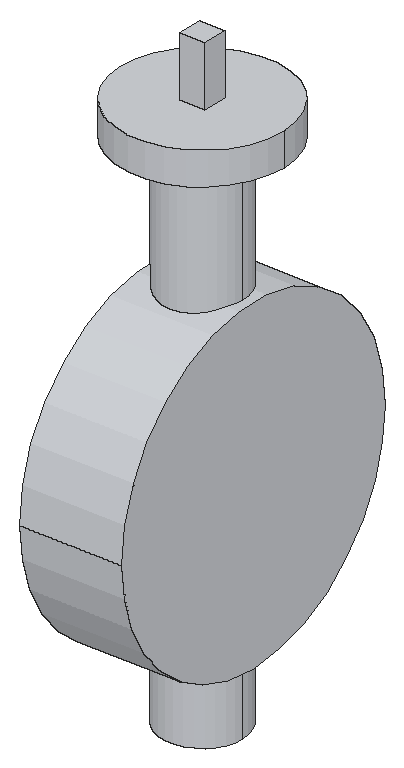
Revit family "HS497-68_disk-nerez_volné vřeteno DN125-RFA_2019", category Pipe Accessories, Revit 2019
Family settings
  Round Connector Dimension = Use Diameter
  Part Type = Valve - Breaks Into
  Work Plane-Based = No
  Always vertical = Yes
  Cut with Voids When Loaded = No
  Shared = No
Parameters (values of type "HS 497-68_DN125_PN16_volné vřeteno")
  magiProductId = "0d813d910fc14f628bb3c2efbd185c"
  magiProductFamilyId = "53cea81e6f374d17b8841d9c72ad77"
  magiPartTypeId = 305
  isMeasuringValve [instance] = no
  ang2D [instance] = 0.00°
  X11 = 61.456 mm
  X1 = 25.456 mm
  W2D = 1000 mm
  VersionID = "2.0/2017.9.26.1/ZETKAMA_497_001"
  Use Minimum Symbol Size [instance] = yes
  URL = "http://www.hydronic.cz"
  Type Comments = "mezipřírubová; nerezový disk; PN16; -10~+110°C (krátkodobě +120°C)"
  SW30 = no
  SW3 = no
  SW21 = no
  SW20 = no
  SW2 = no
  SW1 = yes
  R = 62.5 mm
  QmdConnectorList = "301;D;302;D"
  Productdata [instance] = ""
  NC = 50 mm
  Manufacturer = "Hydronic Systems Prague s.r.o."
  MM20 = 25.456 mm
  MC Product Code = "124 125 (nerezový disk, s volným vřetenem; DN125; PN16, kvs872)"
  M41 = 66 mm
  M4 = 44 mm
  LHL = 220 mm
  LHH3 = 2.45 mm
  LHH1 = 46.55 mm
  LH1 = 73.333 mm
  L4R__ve = -L4R  # -12.8 mm
  L4R = 12.8 mm
  L42__ve = -L42  # -96 mm
  L42 = 96 mm
  L41__ve = -L41  # -19.2 mm
  L41 = 19.2 mm
  L2D_Min = 3048 mm
  L2D = 216 mm
  L2 = 28 mm
  L1 = 44.8 mm
  L = 56 mm
  H = 33 mm
  G22 = 11.25 mm
  G2 = 22.5 mm
  G1 = 90 mm
  G = 90 mm
  F = 14 mm
  E44 = 31.25 mm
  E42 = 62.5 mm
  E4 = 125 mm
  E23 = 4.9 mm
  E22 = 19.6 mm
  E21 = 9.8 mm
  Description = "Mezipřírubová uzavírací klapka s volným vřetenem; nerezový disk, DN125; PN16; kvs872"
  DR2 = 62.5 mm
  DR = 180 mm
  DD1 = 15.625 mm
  DD = 12.5 mm
  D = 125 mm
  CAT0 = yes
  B2__ve = -B2  # -64 mm
  B2 = 64 mm
  A2 = 18 mm
  A1 = 99.5 mm
Types (43, lengths in mm): name | magiProductId | X11 | X1 | Type Comments | SW30 | SW3 | SW20 | SW2 | SW1 | R | NC | Manufacturer | MM20 | MC Product Code | M41 | M4 | LHL | LHH3 | LHH1 | LH1 | L4R__ve | L4R | L42__ve | L42 | L41__ve | L41 | L2 | L1 | L | H | G | F | E44 | E42 | E4 | E23 | E22 | E21 | Description | DR2 | DR | DD1 | DD | D | B2__ve | B2 | A2 | A1
  HS 497-68_DN100_PN16_volné vřeteno | "65d1b245f4f142c78569c0602d5754" | 61.456 | 25.456 | "mezipřírubová; nerezový disk; PN16; -10~+110°C (krátkodobě +120°C)" | no | no | no | no | yes | 50 | 50 | "Hydronic Systems Prague s.r.o." | 25.456 | "124 100 (nerezový disk, s volným vřetenem; DN100; PN16, kvs512)" | 66 | 44 | 220 | 2.45 | 46.55 | 73.333 | -12.8 | 12.8 | -96 | 96 | -19.2 | 19.2 | 26 | 41.6 | 52 | 30 | 90 | 11 | 31.25 | 62.5 | 125 | 4.9 | 19.6 | 9.8 | "Mezipřírubová uzavírací klapka s volným vřetenem; nerezový disk, DN100; PN16; kvs512" | 50 | 147 | 15.625 | 12.5 | 100 | -56 | 56 | 16.5 | 98.5
  HS 497-68_DN100_PN16_převodové kolo | "11e91b807e674d428c8e796fcdcfe2" | 61.456 | 25.456 | "mezipřírubová; nerezový disk; PN16; -10~+110°C (krátkodobě +120°C)" | yes | yes | no | no | no | 50 | 50 | "Hydronic Systems Prague s.r.o." | 25.456 | "126 100 (nerezový disk, s převodovým kolem; DN100; PN16, kvs512)" | 65.25 | 43.5 | 220 | 2.45 | 46.55 | 73.333 | -12.8 | 12.8 | -96 | 96 | -19.2 | 19.2 | 26 | 41.6 | 52 | 30 | 90 | 11 | 31.25 | 62.5 | 125 | 4.9 | 19.6 | 9.8 | "Mezipřírubová uzavírací klapka s převodovým kolem; nerezový disk, DN100; PN16; kvs512" | 50 | 147 | 15.625 | 12.5 | 100 | -56 | 56 | 16.5 | 98.5
  HS 497-68_DN100_PN16_s pákou | "28172f0b3f4b47b28323ac71cf8749" | 61.456 | 25.456 | "mezipřírubová; nerezový disk; PN16; -10~+110°C (krátkodobě +120°C)" | no | no | yes | yes | no | 50 | 50 | "Hydronic Systems Prague s.r.o." | 25.456 | "121 100 (nerezový disk, s pákou; DN100; PN16, kvs512)" | 66 | 44 | 260 | 3 | 57 | 86.667 | -12.8 | 12.8 | -96 | 96 | -19.2 | 19.2 | 26 | 41.6 | 52 | 30 | 90 | 11 | 31.25 | 62.5 | 125 | 6 | 24 | 12 | "Mezipřírubová uzavírací klapka s pákou; nerezový disk, DN100; PN16; kvs512" | 50 | 147 | 15.625 | 12.5 | 100 | -56 | 56 | 16.5 | 98.5
  HS 497-68_DN125_PN16_volné vřeteno | "0d813d910fc14f628bb3c2efbd185c" | 61.456 | 25.456 | "mezipřírubová; nerezový disk; PN16; -10~+110°C (krátkodobě +120°C)" | no | no | no | no | yes | 62.5 | 50 | "Hydronic Systems Prague s.r.o." | 25.456 | "124 125 (nerezový disk, s volným vřetenem; DN125; PN16, kvs872)" | 66 | 44 | 220 | 2.45 | 46.55 | 73.333 | -12.8 | 12.8 | -96 | 96 | -19.2 | 19.2 | 28 | 44.8 | 56 | 33 | 90 | 14 | 31.25 | 62.5 | 125 | 4.9 | 19.6 | 9.8 | "Mezipřírubová uzavírací klapka s volným vřetenem; nerezový disk, DN125; PN16; kvs872" | 62.5 | 180 | 15.625 | 12.5 | 125 | -64 | 64 | 18 | 99.5
  HS 497-68_DN125_PN16_převodové kolo | "c56b7c13f372467684996fb1e0e229" | 61.456 | 25.456 | "mezipřírubová; nerezový disk; PN16; -10~+110°C (krátkodobě +120°C)" | yes | yes | no | no | no | 62.5 | 50 | "Hydronic Systems Prague s.r.o." | 25.456 | "126125 (nerezový disk, s převodovým kolem; DN125; PN16, kvs872)" | 65.25 | 43.5 | 220 | 2.45 | 46.55 | 73.333 | -13.5 | 13.5 | -101.25 | 101.25 | -20.25 | 20.25 | 28 | 44.8 | 56 | 33 | 90 | 14 | 40 | 80 | 160 | 4.9 | 19.6 | 9.8 | "Mezipřírubová uzavírací klapka s převodovým kolem; nerezový disk, DN125; PN16; kvs872" | 62.5 | 180 | 20 | 16 | 125 | -64 | 64 | 18 | 99.5
  HS 497-68_DN125_PN16_s pákou | "105993c79a91492399feef7931321a" | 61.456 | 25.456 | "mezipřírubová; nerezový disk; PN16; -10~+110°C (krátkodobě +120°C)" | no | no | yes | yes | no | 62.5 | 50 | "Hydronic Systems Prague s.r.o." | 25.456 | "121 125 (nerezový disk, s pákou; DN125; PN16, kvs872)" | 66 | 44 | 315 | 3.75 | 71.25 | 105 | -12.8 | 12.8 | -96 | 96 | -19.2 | 19.2 | 28 | 44.8 | 56 | 33 | 90 | 14 | 31.25 | 62.5 | 125 | 7.5 | 30 | 15 | "Mezipřírubová uzavírací klapka s pákou; nerezový disk, DN125; PN16; kvs872" | 62.5 | 180 | 15.625 | 12.5 | 125 | -64 | 64 | 18 | 99.5
  HS 497-68_DN150_PN16_volné vřeteno | "50c80cb8ab434f55ab7796e5ac1331" | 61.456 | 25.456 | "mezipřírubová; nerezový disk; PN16; -10~+110°C (krátkodobě +120°C)" | no | no | no | no | yes | 75 | 50 | "Hydronic Systems Prague s.r.o." | 25.456 | "124 150 (nerezový disk, s volným vřetenem; DN150; PN16, kvs1347)" | 66 | 44 | 220 | 2.45 | 46.55 | 73.333 | -12.8 | 12.8 | -96 | 96 | -19.2 | 19.2 | 28 | 44.8 | 56 | 33 | 90 | 14 | 31.25 | 62.5 | 125 | 4.9 | 19.6 | 9.8 | "Mezipřírubová uzavírací klapka s volným vřetenem; nerezový disk, DN150; PN16; kvs1347" | 75 | 206 | 15.625 | 12.5 | 150 | -58 | 58 | 19.3 | 98.7
  HS 497-68_DN150_PN16_převodové kolo | "d94a1a0cf83b476eb10011b327f709" | 61.456 | 25.456 | "mezipřírubová; nerezový disk; PN16; -10~+110°C (krátkodobě +120°C)" | yes | yes | no | no | no | 75 | 50 | "Hydronic Systems Prague s.r.o." | 25.456 | "126 150 (nerezový disk, s převodovým kolem; DN150; PN16, kvs1347)" | 65.25 | 43.5 | 220 | 2.45 | 46.55 | 73.333 | -13.5 | 13.5 | -101.25 | 101.25 | -20.25 | 20.25 | 28 | 44.8 | 56 | 33 | 90 | 14 | 40 | 80 | 160 | 4.9 | 19.6 | 9.8 | "Mezipřírubová uzavírací klapka s převodovým kolem; nerezový disk, DN150; PN16; kvs1347" | 75 | 206 | 20 | 16 | 150 | -58 | 58 | 19.3 | 98.7
  HS 497-68_DN150_PN16_s pákou | "4d2835523fe84828bc50ff0a5a0dfb" | 61.456 | 25.456 | "mezipřírubová; nerezový disk; PN16; -10~+110°C (krátkodobě +120°C)" | no | no | yes | yes | no | 75 | 50 | "Hydronic Systems Prague s.r.o." | 25.456 | "121 150 (nerezový disk, s pákou; DN150; PN16, kvs1347)" | 66 | 44 | 315 | 3.75 | 71.25 | 105 | -12.8 | 12.8 | -96 | 96 | -19.2 | 19.2 | 28 | 44.8 | 56 | 33 | 90 | 14 | 31.25 | 62.5 | 125 | 7.5 | 30 | 15 | "Mezipřírubová uzavírací klapka s pákou; nerezový disk, DN150; PN16; kvs1347" | 75 | 206 | 15.625 | 12.5 | 150 | -58 | 58 | 19.3 | 98.7
  HS 497-68_DN200_PN16_volné vřeteno | "5b29029eaeba47139ee1055a4b9201" | 61.456 | 25.456 | "mezipřírubová; nerezový disk; PN16; -10~+110°C (krátkodobě +120°C)" | no | no | no | no | yes | 100 | 50 | "Hydronic Systems Prague s.r.o." | 25.456 | "124 200 (nerezový disk, s volným vřetenem; DN200; PN16, kvs2675)" | 66 | 44 | 220 | 2.45 | 46.55 | 73.333 | -12.8 | 12.8 | -96 | 96 | -19.2 | 19.2 | 30 | 48 | 60 | 33 | 90 | 17 | 31.25 | 62.5 | 125 | 4.9 | 19.6 | 9.8 | "Mezipřírubová uzavírací klapka s volným vřetenem; nerezový disk, DN200; PN16; kvs2675" | 100 | 257 | 15.625 | 12.5 | 200 | -70 | 70 | 22.5 | 102.5
  HS 497-68_DN200_PN16_převodové kolo | "b2793cc1fcc44cf2a35062cd67c04f" | 61.456 | 25.456 | "mezipřírubová; nerezový disk; PN16; -10~+110°C (krátkodobě +120°C)" | yes | yes | no | no | no | 100 | 57 | "Hydronic Systems Prague s.r.o." | 25.456 | "126 200 (nerezový disk, s převodovým kolem; DN200; PN16, kvs2675)" | 78.75 | 52.5 | 220 | 2.45 | 46.55 | 73.333 | -15.2 | 15.2 | -114 | 114 | -22.8 | 22.8 | 30 | 48 | 60 | 33 | 90 | 17 | 50 | 100 | 200 | 4.9 | 19.6 | 9.8 | "Mezipřírubová uzavírací klapka s převodovým kolem; nerezový disk, DN200; PN16; kvs2675" | 100 | 257 | 25 | 20 | 200 | -70 | 70 | 22.5 | 102.5
  HS 497-68_DN200_PN16_s pákou | "f88d96c7af224537a51e72d7d8fffe" | 61.456 | 25.456 | "mezipřírubová; nerezový disk; PN16; -10~+110°C (krátkodobě +120°C)" | no | no | yes | yes | no | 100 | 50 | "Hydronic Systems Prague s.r.o." | 25.456 | "121 200 (nerezový disk, s pákou; DN200; PN16, kvs2675)" | 66 | 44 | 315 | 3.75 | 71.25 | 105 | -12.8 | 12.8 | -96 | 96 | -19.2 | 19.2 | 30 | 48 | 60 | 33 | 90 | 17 | 31.25 | 62.5 | 125 | 7.5 | 30 | 15 | "Mezipřírubová uzavírací klapka s pákou; nerezový disk, DN200; PN16; kvs2675" | 100 | 257 | 15.625 | 12.5 | 200 | -70 | 70 | 22.5 | 102.5
  HS 497-68_DN250_PN16_volné vřeteno | "b662e8305ca2402b9c510e66e6aa55" | 88.77 | 36.77 | "mezipřírubová; nerezový disk; PN16; -10~+110°C (krátkodobě +120°C)" | no | no | no | no | yes | 125 | 50 | "Hydronic Systems Prague s.r.o." | 36.77 | "124 250 (nerezový disk, s volným vřetenem; DN250; PN16, kvs4555)" | 66 | 44 | 220 | 2.45 | 46.55 | 73.333 | -12.8 | 12.8 | -96 | 96 | -19.2 | 19.2 | 34 | 54.4 | 68 | 23 | 130 | 22 | 31.25 | 62.5 | 125 | 4.9 | 19.6 | 9.8 | "Mezipřírubová uzavírací klapka s volným vřetenem; nerezový disk, DN250; PN16; kvs4555" | 125 | 324 | 15.625 | 12.5 | 250 | -85 | 85 | 28.25 | 129.25
  HS 497-68_DN250_PN16_převodové kolo | "5ee9016806664ddfaa2632711f295c" | 88.77 | 36.77 | "mezipřírubová; nerezový disk; PN16; -10~+110°C (krátkodobě +120°C)" | yes | yes | no | no | no | 125 | 70 | "Hydronic Systems Prague s.r.o." | 36.77 | "126 250 (nerezový disk, s převodovým kolem; DN250; PN16, kvs4555)" | 91.5 | 61 | 220 | 2.45 | 46.55 | 73.333 | -22.2 | 22.2 | -166.5 | 166.5 | -33.3 | 33.3 | 34 | 54.4 | 68 | 23 | 130 | 22 | 62.5 | 125 | 250 | 4.9 | 19.6 | 9.8 | "Mezipřírubová uzavírací klapka s převodovým kolem; nerezový disk, DN250; PN16; kvs4555" | 125 | 324 | 31.25 | 25 | 250 | -85 | 85 | 28.25 | 129.25
  HS 497-68_DN300_PN16_volné vřeteno | "e1886f51ff004380a649519258edf2" | 88.77 | 36.77 | "mezipřírubová; nerezový disk; PN16; -10~+110°C (krátkodobě +120°C)" | no | no | no | no | yes | 150 | 50 | "Hydronic Systems Prague s.r.o." | 36.77 | "124 300 (nerezový disk, s volným vřetenem; DN300; PN16, kvs7037)" | 66 | 44 | 220 | 2.45 | 46.55 | 73.333 | -12.8 | 12.8 | -96 | 96 | -19.2 | 19.2 | 39 | 62.4 | 78 | 23 | 130 | 22 | 31.25 | 62.5 | 125 | 4.9 | 19.6 | 9.8 | "Mezipřírubová uzavírací klapka s volným vřetenem; nerezový disk, DN300; PN16; kvs7037" | 150 | 376 | 15.625 | 12.5 | 300 | -90 | 90 | 30.8 | 127.2
  HS 497-68_DN300_PN16_převodové kolo | "6860f094f77d42088fbebc3c97f755" | 88.77 | 36.77 | "mezipřírubová; nerezový disk; PN16; -10~+110°C (krátkodobě +120°C)" | yes | yes | no | no | no | 150 | 70 | "Hydronic Systems Prague s.r.o." | 36.77 | "126 300 (nerezový disk, s převodovým kolem; DN300; PN16, kvs7037)" | 91.5 | 61 | 220 | 2.45 | 46.55 | 73.333 | -22.2 | 22.2 | -166.5 | 166.5 | -33.3 | 33.3 | 39 | 62.4 | 78 | 23 | 130 | 22 | 62.5 | 125 | 250 | 4.9 | 19.6 | 9.8 | "Mezipřírubová uzavírací klapka s převodovým kolem; nerezový disk, DN300; PN16; kvs7037" | 150 | 376 | 31.25 | 25 | 300 | -90 | 90 | 30.8 | 127.2
  HS 497-68_DN032_PN16_volné vřeteno | "8c5f65de52aa4067a77564107e31b2" | 61.456 | 25.456 | "mezipřírubová; nerezový disk; PN16; -10~+110°C (krátkodobě +120°C)" | no | no | no | no | yes | 16 | 50 | "Hydronic Systems Prague s.r.o." | 25.456 | "124 032 (nerezový disk, s volným vřetenem; DN32; PN16, kvs78)" | 66 | 44 | 220 | 2.45 | 46.55 | 73.333 | -12.8 | 12.8 | -96 | 96 | -19.2 | 19.2 | 16.5 | 26.4 | 33 | 30 | 90 | 11 | 31.25 | 62.5 | 125 | 4.9 | 19.6 | 9.8 | "Mezipřírubová uzavírací klapka s volným vřetenem; nerezový disk, DN32; PN16; kvs78" | 16 | 68 | 15.625 | 12.5 | 32 | -44.2 | 44.2 | 10.25 | 76.25
  HS 497-68_DN032_PN16_převodové kolo | "60aaeffa8b3a4e809ef000e4660060" | 61.456 | 25.456 | "mezipřírubová; nerezový disk; PN16; -10~+110°C (krátkodobě +120°C)" | yes | yes | no | no | no | 16 | 50 | "Hydronic Systems Prague s.r.o." | 25.456 | "126 032 (nerezový disk, s převodovým kolem; DN32; PN16, kvs78)" | 65.25 | 43.5 | 220 | 2.45 | 46.55 | 73.333 | -12.8 | 12.8 | -96 | 96 | -19.2 | 19.2 | 16.5 | 26.4 | 33 | 30 | 90 | 11 | 31.25 | 62.5 | 125 | 4.9 | 19.6 | 9.8 | "Mezipřírubová uzavírací klapka s převodovým kolem; nerezový disk, DN32; PN16; kvs78" | 16 | 68 | 15.625 | 12.5 | 32 | -44.2 | 44.2 | 10.25 | 76.25
  HS 497-68_DN032_PN16_s pákou | "9ad8088d610749a1b871aa2aad8007" | 61.456 | 25.456 | "mezipřírubová; nerezový disk; PN16; -10~+110°C (krátkodobě +120°C)" | no | no | yes | yes | no | 16 | 50 | "Hydronic Systems Prague s.r.o." | 25.456 | "121 032 (nerezový disk, s pákou; DN32; PN16, kvs78)" | 66 | 44 | 220 | 2.45 | 46.55 | 73.333 | -12.8 | 12.8 | -96 | 96 | -19.2 | 19.2 | 16.5 | 26.4 | 33 | 30 | 90 | 11 | 31.25 | 62.5 | 125 | 4.9 | 19.6 | 9.8 | "Mezipřírubová uzavírací klapka s pákou; nerezový disk, DN32; PN16; kvs78" | 16 | 68 | 15.625 | 12.5 | 32 | -44.2 | 44.2 | 10.25 | 76.25
  HS 497-68_DN350_PN10_volné vřeteno | "72a1e05f22944421b7e9596a877137" | 109.255 | 45.255 | "mezipřírubová; nerezový disk; PN10; -10~+110°C (krátkodobě +120°C)" | no | no | no | no | yes | 175 | 50 | "Hydronic Systems Prague s.r.o." | 45.255 | "124 350 (nerezový disk, s volným vřetenem; DN350; PN10, kvs10165)" | 66 | 44 | 220 | 2.45 | 46.55 | 73.333 | -12.8 | 12.8 | -96 | 96 | -19.2 | 19.2 | 39 | 62.4 | 78 | 31 | 160 | 22 | 31.25 | 62.5 | 125 | 4.9 | 19.6 | 9.8 | "Mezipřírubová uzavírací klapka s volným vřetenem; nerezový disk, DN350; PN10; kvs10165" | 175 | 430 | 15.625 | 12.5 | 350 | -88 | 88 | 33.85 | 129.65
  HS 497-68_DN350_PN10_převodové kolo | "a5a01426cb28494ba3afca92f1dace" | 109.255 | 45.255 | "mezipřírubová; nerezový disk; PN10; -10~+110°C (krátkodobě +120°C)" | yes | yes | no | no | no | 175 | 70 | "Hydronic Systems Prague s.r.o." | 45.255 | "126 350 (nerezový disk, s převodovým kolem; DN350; PN10, kvs10165)" | 91.5 | 61 | 220 | 2.45 | 46.55 | 73.333 | -22.2 | 22.2 | -166.5 | 166.5 | -33.3 | 33.3 | 39 | 62.4 | 78 | 31 | 160 | 22 | 62.5 | 125 | 250 | 4.9 | 19.6 | 9.8 | "Mezipřírubová uzavírací klapka s převodovým kolem; nerezový disk, DN350; PN10; kvs10165" | 175 | 430 | 31.25 | 25 | 350 | -88 | 88 | 33.85 | 129.65
  HS 497-68_DN400_PN10_volné vřeteno | "c70ebeb927c04ab99b176e257ad0a7" | 109.255 | 45.255 | "mezipřírubová; nerezový disk; PN10; -10~+110°C (krátkodobě +120°C)" | no | no | no | no | yes | 200 | 50 | "Hydronic Systems Prague s.r.o." | 45.255 | "124 400 (nerezový disk, s volným vřetenem; DN400; PN10, kvs13799)" | 66 | 44 | 220 | 2.45 | 46.55 | 73.333 | -12.8 | 12.8 | -96 | 96 | -19.2 | 19.2 | 51 | 81.6 | 102 | 31 | 160 | 27 | 31.25 | 62.5 | 125 | 4.9 | 19.6 | 9.8 | "Mezipřírubová uzavírací klapka s volným vřetenem; nerezový disk, DN400; PN10; kvs13799" | 200 | 485 | 15.625 | 12.5 | 400 | -108 | 108 | 38 | 142
  HS 497-68_DN400_PN10_převodové kolo | "cc64a4384dcb41b780d81810f4f293" | 109.255 | 45.255 | "mezipřírubová; nerezový disk; PN10; -10~+110°C (krátkodobě +120°C)" | yes | yes | no | no | no | 200 | 72.5 | "Hydronic Systems Prague s.r.o." | 45.255 | "126 400 (nerezový disk, s převodovým kolem; DN400; PN10, kvs13799)" | 103.5 | 69 | 220 | 2.45 | 46.55 | 73.333 | -27.8 | 27.8 | -208.5 | 208.5 | -41.7 | 41.7 | 51 | 81.6 | 102 | 31 | 160 | 27 | 75 | 150 | 300 | 4.9 | 19.6 | 9.8 | "Mezipřírubová uzavírací klapka s převodovým kolem; nerezový disk, DN400; PN10; kvs13799" | 200 | 485 | 37.5 | 30 | 400 | -108 | 108 | 38 | 142
  HS 497-68_DN040_PN16_volné vřeteno | "35f92312390745e88df5b5c325d9ee" | 61.456 | 25.456 | "mezipřírubová; nerezový disk; PN16; -10~+110°C (krátkodobě +120°C)" | no | no | no | no | yes | 20 | 50 | "Hydronic Systems Prague s.r.o." | 25.456 | "124 040 (nerezový disk, s volným vřetenem; DN40; PN16, kvs78)" | 66 | 44 | 220 | 2.45 | 46.55 | 73.333 | -12.8 | 12.8 | -96 | 96 | -19.2 | 19.2 | 16.5 | 26.4 | 33 | 30 | 90 | 11 | 31.25 | 62.5 | 125 | 4.9 | 19.6 | 9.8 | "Mezipřírubová uzavírací klapka s volným vřetenem; nerezový disk, DN40; PN16; kvs78" | 20 | 76 | 15.625 | 12.5 | 40 | -36 | 36 | 11 | 79
  HS 497-68_DN040_PN16_převodové kolo | "d88e968eae3445bc9b7b4e6ff35127" | 61.456 | 25.456 | "mezipřírubová; nerezový disk; PN16; -10~+110°C (krátkodobě +120°C)" | yes | yes | no | no | no | 20 | 50 | "Hydronic Systems Prague s.r.o." | 25.456 | "126 040 (nerezový disk, s převodovým kolem; DN40; PN16, kvs78)" | 65.25 | 43.5 | 220 | 2.45 | 46.55 | 73.333 | -12.8 | 12.8 | -96 | 96 | -19.2 | 19.2 | 16.5 | 26.4 | 33 | 30 | 90 | 11 | 31.25 | 62.5 | 125 | 4.9 | 19.6 | 9.8 | "Mezipřírubová uzavírací klapka s převodovým kolem; nerezový disk, DN40; PN16; kvs78" | 20 | 76 | 15.625 | 12.5 | 40 | -36 | 36 | 11 | 79
  HS 497-68_DN040_PN16_s pákou | "c1b522ca65b4407a98818f232eaacb" | 61.456 | 25.456 | "mezipřírubová; nerezový disk; PN16; -10~+110°C (krátkodobě +120°C)" | no | no | yes | yes | no | 20 | 50 | "Hydronic Systems Prague s.r.o." | 25.456 | "121 040 (nerezový disk, s pákou; DN40; PN16, kvs78)" | 66 | 44 | 220 | 2.45 | 46.55 | 73.333 | -12.8 | 12.8 | -96 | 96 | -19.2 | 19.2 | 16.5 | 26.4 | 33 | 30 | 90 | 11 | 31.25 | 62.5 | 125 | 4.9 | 19.6 | 9.8 | "Mezipřírubová uzavírací klapka s pákou; nerezový disk, DN40; PN16; kvs78" | 20 | 76 | 15.625 | 12.5 | 40 | -36 | 36 | 11 | 79
  HS 497-68_DN450_PN10_volné vřeteno | "a8358bc282f14872b3194e530e590a" | 129.74 | 53.74 | "mezipřírubová; nerezový disk; PN10; -10~+110°C (krátkodobě +120°C)" | no | no | no | no | yes | 225 | 50 | "Hydronic Systems Prague s.r.o." | 53.74 | "124 450 (nerezový disk, s volným vřetenem; DN450; PN10, kvs18514)" | 66 | 44 | 220 | 2.45 | 46.55 | 73.333 | -12.8 | 12.8 | -96 | 96 | -19.2 | 19.2 | 57 | 91.2 | 114 | 38 | 190 | 36 | 31.25 | 62.5 | 125 | 4.9 | 19.6 | 9.8 | "Mezipřírubová uzavírací klapka s volným vřetenem; nerezový, DN450; PN10; kvs18514" | 225 | 536 | 15.625 | 12.5 | 450 | -115 | 115 | 38.05 | 117.45
  HS 497-68_DN450_PN10_převodové kolo | "cdf2d80f54a9414f9cbe50647c0ebd" | 129.74 | 53.74 | "mezipřírubová; nerezový disk; PN10; -10~+110°C (krátkodobě +120°C)" | yes | yes | no | no | no | 225 | 91.5 | "Zetkama" | 53.74 | "126 450 (nerezový disk, s převodovým kolem; DN450; PN10, kvs18514)" | 144.75 | 96.5 | 220 | 2.45 | 46.55 | 73.333 | -32.1 | 32.1 | -240.75 | 240.75 | -48.15 | 48.15 | 57 | 91.2 | 114 | 38 | 190 | 36 | 100 | 200 | 400 | 4.9 | 19.6 | 9.8 | "Mezipřírubová uzavírací klapka s převodovým kolem; nerezový disk, DN450; PN10; kvs18514" | 225 | 536 | 50 | 40 | 450 | -115 | 115 | 38.05 | 117.45
  HS 497-68_DN500_PN10_volné vřeteno | "8c396e27bb2743f98f3c762b6517cd" | 143.397 | 59.397 | "mezipřírubová; nerezový disk; PN10; -10~+110°C (krátkodobě +120°C)" | no | no | no | no | yes | 250 | 50 | "Hydronic Systems Prague s.r.o." | 59.397 | "124 500 (nerezový disk, s volným vřetenem; DN500; PN10, kvs23805)" | 66 | 44 | 220 | 2.45 | 46.55 | 73.333 | -12.8 | 12.8 | -96 | 96 | -19.2 | 19.2 | 63.5 | 101.6 | 127 | 38 | 210 | 36 | 31.25 | 62.5 | 125 | 4.9 | 19.6 | 9.8 | "Mezipřírubová uzavírací klapka s volným vřetenem; nerezový disk, DN500; PN10; kvs23805" | 250 | 593 | 15.625 | 12.5 | 500 | -130 | 130 | 43.25 | 139.25
  HS 497-68_DN500_PN10_převodové kolo | "7647804f32e94cef828a7034a91a46" | 143.397 | 59.397 | "mezipřírubová; nerezový disk; PN10; -10~+110°C (krátkodobě +120°C)" | yes | yes | no | no | no | 250 | 91.5 | "Zetkama" | 59.397 | "126 500 (nerezový disk, s převodovým kolem; DN500; PN10, kvs23805)" | 144.75 | 96.5 | 220 | 2.45 | 46.55 | 73.333 | -32.1 | 32.1 | -240.75 | 240.75 | -48.15 | 48.15 | 63.5 | 101.6 | 127 | 38 | 210 | 36 | 100 | 200 | 400 | 4.9 | 19.6 | 9.8 | "Mezipřírubová uzavírací klapka s převodovým kolem; nerezový disk, DN500; PN10; kvs23805" | 250 | 593 | 50 | 40 | 500 | -130 | 130 | 43.25 | 139.25
  HS 497-68_DN050_volné vřeteno | "d71f296ecd6d4adf8f6e5d9853b4e0" | 61.456 | 25.456 | "mezipřírubová; nerezový disk; PN16; -10~+110°C (krátkodobě +120°C)" | no | no | no | no | yes | 25 | 50 | "Hydronic Systems Prague s.r.o." | 25.456 | "124 050 (nerezový disk, s volným vřetenem; DN50; PN16, kvs98)" | 66 | 44 | 220 | 2.45 | 46.55 | 73.333 | -12.8 | 12.8 | -96 | 96 | -19.2 | 19.2 | 21.5 | 34.4 | 43 | 30 | 90 | 11 | 31.25 | 62.5 | 125 | 4.9 | 19.6 | 9.8 | "Mezipřírubová uzavírací klapka s volným vřetenem; nerezový disk, DN50; PN16; kvs98" | 25 | 100 | 15.625 | 12.5 | 50 | -36.5 | 36.5 | 12 | 83
  HS 497-68_DN050_PN16_převodové kolo | "2fb080deeaed49c58418b94c1da5a4" | 61.456 | 25.456 | "mezipřírubová; nerezový disk; PN16; -10~+110°C (krátkodobě +120°C)" | yes | yes | no | no | no | 25 | 50 | "Hydronic Systems Prague s.r.o." | 25.456 | "126 050 (nerezový disk, s převodovým kolem; DN50; PN16, kvs98)" | 65.25 | 43.5 | 220 | 2.45 | 46.55 | 73.333 | -12.8 | 12.8 | -96 | 96 | -19.2 | 19.2 | 21.5 | 34.4 | 43 | 30 | 90 | 11 | 31.25 | 62.5 | 125 | 4.9 | 19.6 | 9.8 | "Mezipřírubová uzavírací klapka s převodovým kolem; nerezový disk, DN50; PN16; kvs98" | 25 | 100 | 15.625 | 12.5 | 50 | -36.5 | 36.5 | 12 | 83
  HS 497-68_DN050_PN16_s pákou | "dabc632061f94877a994b9b4e68112" | 61.456 | 25.456 | "mezipřírubová; nerezový disk; PN16; -10~+110°C (krátkodobě +120°C)" | no | no | yes | yes | no | 25 | 50 | "Hydronic Systems Prague s.r.o." | 25.456 | "121 050 (nerezový disk, s pákou; DN50; PN16, kvs98)" | 66 | 44 | 220 | 2.45 | 46.55 | 73.333 | -12.8 | 12.8 | -96 | 96 | -19.2 | 19.2 | 21.5 | 34.4 | 43 | 30 | 90 | 11 | 31.25 | 62.5 | 125 | 4.9 | 19.6 | 9.8 | "Mezipřírubová uzavírací klapka s pákou; nerezový disk, DN50; PN16; kvs98" | 25 | 100 | 15.625 | 12.5 | 50 | -36.5 | 36.5 | 12 | 83
  HS 497-68_DN600_PN10_volné vřeteno | "99d5892c14664fce81a7c5903f7711" | 143.397 | 59.397 | "mezipřírubová; nerezový disk; PN10; -10~+110°C (krátkodobě +120°C)" | no | no | no | no | yes | 300 | 50 | "Hydronic Systems Prague s.r.o." | 59.397 | "124 600 (nerezový disk, s volným vřetenem; DN600; PN10, kvs36778)" | 66 | 44 | 220 | 2.45 | 46.55 | 73.333 | -12.8 | 12.8 | -96 | 96 | -19.2 | 19.2 | 77 | 123.2 | 154 | 80 | 210 | 60 | 31.25 | 62.5 | 125 | 4.9 | 19.6 | 9.8 | "Mezipřírubová uzavírací klapka s volným vřetenem; nerezový disk, DN600; PN10; kvs36788" | 300 | 690 | 15.625 | 12.5 | 600 | -140 | 140 | 49.4 | 144.6
  HS 497-68_DN600_PN10_převodové kolo | "b1e26faab48a4c499f6bb11e7e3002" | 143.397 | 59.397 | "mezipřírubová; lnerezový disk; PN10; -10~+110°C (krátkodobě +120°C)" | yes | yes | no | no | no | 300 | 140 | "Hydronic Systems Prague s.r.o." | 59.397 | "126 600 (nerezový disk, s převodovým kolem; DN600; PN10, kvs36778)" | 206.25 | 137.5 | 220 | 2.45 | 46.55 | 73.333 | -40.8 | 40.8 | -306 | 306 | -61.2 | 61.2 | 77 | 123.2 | 154 | 80 | 210 | 60 | 125 | 250 | 500 | 4.9 | 19.6 | 9.8 | "Mezipřírubová uzavírací klapka s převodovým kolem; nerezový disk, DN600; PN10; kvs36788" | 300 | 690 | 62.5 | 50 | 600 | -140 | 140 | 49.4 | 144.6
  HS 497-68_DN065_PN16_volné vřeteno | "5e5e208646e34ec29f889baab5d08e" | 61.456 | 25.456 | "mezipřírubová; lnerezový disk; PN16; -10~+110°C (krátkodobě +120°C)" | no | no | no | no | yes | 32.5 | 50 | "Hydronic Systems Prague s.r.o." | 25.456 | "124 065 (nerezový disk, s volným vřetenem; DN65; PN16, kvs167)" | 66 | 44 | 220 | 2.45 | 46.55 | 73.333 | -12.8 | 12.8 | -96 | 96 | -19.2 | 19.2 | 23 | 36.8 | 46 | 30 | 90 | 11 | 31.25 | 62.5 | 125 | 4.9 | 19.6 | 9.8 | "Mezipřírubová uzavírací klapka s volným vřetenem; nerezový disk, DN65; PN16; kv167" | 32.5 | 108 | 15.625 | 12.5 | 65 | -36.5 | 36.5 | 13.5 | 89
  HS 497-68_DN065_PN16_převodové kolo | "654d74c8d15540b0bfe523d988ccb3" | 61.456 | 25.456 | "mezipřírubová; nerezový disk; PN16; -10~+110°C (krátkodobě +120°C)" | yes | yes | no | no | no | 32.5 | 50 | "Hydronic Systems Prague s.r.o." | 25.456 | "126 065 (nerezový disk, s převodovým kolem; DN65; PN16, kvs167)" | 65.25 | 43.5 | 220 | 2.45 | 46.55 | 73.333 | -12.8 | 12.8 | -96 | 96 | -19.2 | 19.2 | 23 | 36.8 | 46 | 30 | 90 | 11 | 31.25 | 62.5 | 125 | 4.9 | 19.6 | 9.8 | "Mezipřírubová uzavírací klapka s převodovým kolem; nerezový disk, DN65; PN16; kvs167" | 32.5 | 108 | 15.625 | 12.5 | 65 | -36.5 | 36.5 | 13.5 | 89
  HS 497-68_DN065_PN16_s pákou | "ebeb4b59db0641caaf6d6635ab37b9" | 61.456 | 25.456 | "mezipřírubová; nerezový disk; PN16; -10~+110°C (krátkodobě +120°C)" | no | no | yes | yes | no | 32.5 | 50 | "Hydronic Systems Prague s.r.o." | 25.456 | "121 065 (nerezový disk, s pákou; DN65; PN16, kvs167)" | 66 | 44 | 220 | 2.45 | 46.55 | 73.333 | -12.8 | 12.8 | -96 | 96 | -19.2 | 19.2 | 23 | 36.8 | 46 | 30 | 90 | 11 | 31.25 | 62.5 | 125 | 4.9 | 19.6 | 9.8 | "Mezipřírubová uzavírací klapka s pákou; nerezový disk, DN65; PN16; kvs167" | 32.5 | 108 | 15.625 | 12.5 | 65 | -36.5 | 36.5 | 13.5 | 89
  HS 497-68_DN080_PN16_volné vřeteno | "9e85c75c18654e1185a9c48ed6b00e" | 61.456 | 25.456 | "mezipřírubová; nerezový disk; PN16; -10~+110°C (krátkodobě +120°C)" | no | no | no | no | yes | 40 | 50 | "Hydronic Systems Prague s.r.o." | 25.456 | "124 080 (nerezový disk, s volným vřetenem; DN80; PN16, kvs258)" | 66 | 44 | 220 | 2.45 | 46.55 | 73.333 | -12.8 | 12.8 | -96 | 96 | -19.2 | 19.2 | 23 | 36.8 | 46 | 30 | 90 | 11 | 31.25 | 62.5 | 125 | 4.9 | 19.6 | 9.8 | "Mezipřírubová uzavírací klapka s volným vřetenem; nerezový disk, DN80; PN16; kvs258" | 40 | 124 | 15.625 | 12.5 | 80 | -54 | 54 | 14.1 | 86.9
  HS 497-68_DN080_PN16_převodové kolo | "5b3c8238c3d041e68c75b199e7ea46" | 61.456 | 25.456 | "mezipřírubová; nerezový disk; PN16; -10~+110°C (krátkodobě +120°C)" | yes | yes | no | no | no | 40 | 50 | "Hydronic Systems Prague s.r.o." | 25.456 | "126 080 (nerezový disk, s převodovým kolem; DN80; PN16, kvs258)" | 65.25 | 43.5 | 220 | 2.45 | 46.55 | 73.333 | -12.8 | 12.8 | -96 | 96 | -19.2 | 19.2 | 23 | 36.8 | 46 | 30 | 90 | 11 | 31.25 | 62.5 | 125 | 4.9 | 19.6 | 9.8 | "Mezipřírubová uzavírací klapka s převodovým kolem; nerezový disk, DN80; PN16; kvs258" | 40 | 124 | 15.625 | 12.5 | 80 | -54 | 54 | 14.1 | 86.9
  HS 497-68_DN080_PN16_s pákou | "e414795fab0f4eccb99bc3572c5477" | 61.456 | 25.456 | "mezipřírubová; nerezový disk; PN16; -10~+110°C (krátkodobě +120°C)" | no | no | yes | yes | no | 40 | 50 | "Hydronic Systems Prague s.r.o." | 25.456 | "121 080 (nerezový disk, s pákou; DN80; PN16, kvs258)" | 66 | 44 | 260 | 3 | 57 | 86.667 | -12.8 | 12.8 | -96 | 96 | -19.2 | 19.2 | 23 | 36.8 | 46 | 30 | 90 | 11 | 31.25 | 62.5 | 125 | 6 | 24 | 12 | "Mezipřírubová uzavírací klapka s pákou; nerezový disk, DN80; PN16; kvs258" | 40 | 124 | 15.625 | 12.5 | 80 | -54 | 54 | 14.1 | 86.9
  HS 497-68_DN250_PN16_s pákou | "" | 88.77 | 36.77 | "mezipřírubová; nerezový disk; PN16; -10~+110°C (krátkodobě +120°C)" | no | no | yes | yes | no | 125 | 70 | "Hydronic Systems Prague s.r.o." | 36.77 | "121 250 (nerezový disk, s ákou; DN250; PN16, kvs4555)" | 91.5 | 61 | 220 | 2.45 | 46.55 | 73.333 | -22.2 | 22.2 | -166.5 | 166.5 | -33.3 | 33.3 | 34 | 54.4 | 68 | 23 | 130 | 22 | 62.5 | 125 | 250 | 4.9 | 19.6 | 9.8 | "Mezipřírubová uzavírací klapka s pákou; nerezový disk, DN250; PN16; kvs4555" | 125 | 324 | 31.25 | 25 | 250 | -85 | 85 | 28.25 | 129.25
  HS 497-68_DN300_PN16_s pákou | "" | 88.77 | 36.77 | "mezipřírubová; nerezový disk; PN16; -10~+110°C (krátkodobě +120°C)" | no | no | yes | yes | no | 150 | 70 | "Hydronic Systems Prague s.r.o." | 36.77 | "121 300 (nerezový disk, s pákou; DN300; PN16, kvs7037)" | 91.5 | 61 | 220 | 2.45 | 46.55 | 73.333 | -22.2 | 22.2 | -166.5 | 166.5 | -33.3 | 33.3 | 39 | 62.4 | 78 | 23 | 130 | 22 | 62.5 | 125 | 250 | 4.9 | 19.6 | 9.8 | "Mezipřírubová uzavírací klapka s pákou; nerezový disk, DN300; PN16; kvs7037" | 150 | 376 | 31.25 | 25 | 300 | -90 | 90 | 30.8 | 127.2
Reference planes
  plane 1 "Center (Front/Back)": y = 0
  plane 2 "XYPLANE": z = 0
  plane 3 "Center (Left/Right)": x = 0
  plane 4 "473": x = -25.456
  plane 5 "472": x = -66
  plane 6 "471": y = -25.456
  plane 7 "470": y = 25.456
  plane 8 "469": x = -44
  plane 9 "468": y = -115.2
  plane 10 "467": y = -96
  plane 11 "466": z = 211.25
  plane 12 "465": z = 226.55
  plane 13 "464": y = 145.417
  plane 14 "463": z = 216.75
  plane 15 "462": z = 199.6
  plane 16 "461": z = 209.4
  plane 17 "460": y = 72.083
  plane 18 "459": x = -11.25
  plane 19 "458": x = 11.25
  plane 20 "457": y = -6.25
  plane 21 "456": x = -17.5
  plane 22 "455": x = 17.5
  plane 23 "454": z = 214.3
  plane 24 "453": y = 62.083
  plane 25 "452": y = -11.25
  plane 26 "451": x = -22.5
  plane 27 "450": x = 22.5
  plane 28 "449": z = 194.7
  plane 29 "448": z = 189.8
  plane 30 "447": z = -62.5
  plane 31 "446": z = 180
  plane 32 "445": z = 162
  plane 33 "444": z = 62.5
  plane 34 "443": x = 28
  plane 35 "442": x = -28
  plane 36 "441": z = 0
  plane 37 "440": y = 0
  plane 38 "439": x = 0
  plane 39 "438": z = 229
  plane 40 "437": z = 214.3
  plane 41 "436": x = 13.7
  plane 42 "435": x = -13.7
  plane 43 "434": y = 220
Forms (mm)
  Extrusion 1, solid, visible <- "SW3"
    sketch origin (-750, 0, 180) x (1, 0, 0) y (0, 1, 0)
      loop
        line (684, 25.456) -> (684, -25.456) -> (724.544, -25.456)
        arc (724.544, -25.456) -> (786, 0) -> (724.544, 25.456) r 36
        line (724.544, 25.456) -> (684, 25.456)
    from 0 to 62.5 <- "E42"
  Extrusion 2, solid, visible <- "SW30"
    sketch origin (0, -750, 0) x (0, 1, 0) y (0, 0, 1)
      loop
        circle (750, 211.25) r 7.813
    from 0 to 50 <- "NC"
  Extrusion 3, solid, visible <- "SW30"
    sketch origin (750, -115.2, 0) x (-1, 0, 0) y (0, 0, 1)
      loop
        circle (794, 211.25) r 62.5
    from 0 to -12.8 <- "L4R__ve"
  Extrusion 4, solid, visible <- "SW3"
    sketch origin (750, -96, 0) x (-1, 0, 0) y (0, 0, 1)
      loop
        circle (794, 211.25) r 7.813
    from 0 to -19.2 <- "L41__ve"
  Extrusion 5, solid, visible <- "SW30"
    sketch origin (750, 0, 0) x (-1, 0, 0) y (0, 0, 1)
      loop
        circle (794, 211.25) r 6.25
    from 0 to -96 <- "L42__ve"
  Blend 6, solid, visible <- "SW21"
    base sketch origin (750, 72.083, 0) x (-1, 0, 0) y (0, 0, 1)
      loop
        line (761.25, 209.4) -> (738.75, 209.4) -> (738.75, 199.6) -> (761.25, 199.6) -> (761.25, 209.4)
    top sketch origin (750, 72.083, 0) x (-1, 0, 0) y (0, 0, 1)
      loop
        line (761.25, 226.55) -> (738.75, 226.55) -> (738.75, 216.75) -> (761.25, 216.75) -> (761.25, 226.55)
    from 0 to 73.333
  Blend 7, solid, visible <- "SW21"
    base sketch origin (750, 62.083, 0) x (-1, 0, 0) y (0, 0, 1)
      loop
        line (761.25, 214.3) -> (738.75, 214.3) -> (738.75, 194.7) -> (761.25, 194.7) -> (761.25, 214.3)
    top sketch origin (750, 62.083, 0) x (-1, 0, 0) y (0, 0, 1)
      loop
        line (761.25, 209.4) -> (738.75, 209.4) -> (738.75, 199.6) -> (761.25, 199.6) -> (761.25, 209.4)
    from 0 to 10
  Blend 8, solid, visible <- "SW21"
    base sketch origin (-750, 0, 194.7) x (1, 0, 0) y (0, 1, 0)
      loop
        line (772.5, 62.083) -> (727.5, 62.083) -> (727.5, -11.25)
        arc (727.5, -11.25) -> (750, -31.25) -> (772.5, -11.25) r 22.656
        line (772.5, -11.25) -> (772.5, 62.083)
    top sketch origin (-750, 0, 194.7) x (1, 0, 0) y (0, 1, 0)
      loop
        line (767.5, 62.083) -> (732.5, 62.083) -> (732.5, -6.25)
        arc (732.5, -6.25) -> (750, -26.25) -> (767.5, -6.25) r 17.656
        line (767.5, -6.25) -> (767.5, 62.083)
    from 0 to 19.6
  Extrusion 9, solid, visible <- "SW2"
    sketch origin (-750, 0, 189.8) x (1, 0, 0) y (0, 1, 0)
      loop
        circle (750, 0) r 11.25
    from 0 to 4.9 <- "E23"
  Extrusion 10, solid, visible <- "SW2"
    sketch origin (-750, 0, 180) x (1, 0, 0) y (0, 1, 0)
      loop
        circle (750, 0) r 45
    from 0 to 9.8 <- "E21"
  Extrusion 11, solid, visible <- "CAT0"
    sketch origin (-750, 0, -62.5) x (1, 0, 0) y (0, 1, 0)
      loop
        circle (750, 0) r 22.4
    from 0 to -64 <- "B2__ve"
  Extrusion 12, solid, visible <- "CAT0"
    sketch origin (-750, 0, 162) x (1, 0, 0) y (0, 1, 0)
      loop
        circle (750, 0) r 45
    from 0 to 18 <- "A2"
  Extrusion 13, solid, visible <- "CAT0"
    sketch origin (-750, 0, 62.5) x (1, 0, 0) y (0, 1, 0)
      loop
        circle (750, 0) r 22.4
    from 0 to 99.5 <- "A1"
  Extrusion 14, solid, visible <- "CAT0"
    sketch origin (-28, -750, 0) x (0, 1, 0) y (0, 0, 1)
      loop
        circle (750, 0) r 90
    from 0 to 56 <- "L"
  Extrusion 15, solid, visible <- "SW1"
    sketch origin (-750, 0, 180) x (1, 0, 0) y (0, 1, 0)
      loop
        line (757, 7) -> (743, 7) -> (743, -7) -> (757, -7) -> (757, 7)
    from 0 to 33 <- "H"
  Blend 16, solid, visible <- "SW2"
    base sketch origin (750, 145.417, 0) x (-1, 0, 0) y (0, 0, 1)
      loop
        arc (763.7, 224) -> (762.236, 227.536) -> (758.7, 229) r 5
        line (758.7, 229) -> (741.3, 229)
        arc (741.3, 229) -> (737.764, 227.536) -> (736.3, 224) r 5
        line (736.3, 224) -> (736.3, 219.3)
        arc (736.3, 219.3) -> (737.764, 215.764) -> (741.3, 214.3) r 5
        line (741.3, 214.3) -> (758.7, 214.3)
        arc (758.7, 214.3) -> (762.236, 215.764) -> (763.7, 219.3) r 5
        line (763.7, 219.3) -> (763.7, 224)
    top sketch origin (750, 145.417, 0) x (-1, 0, 0) y (0, 0, 1)
      loop
        arc (763.7, 224) -> (762.236, 227.536) -> (758.7, 229) r 5
        line (758.7, 229) -> (741.3, 229)
        arc (741.3, 229) -> (737.764, 227.536) -> (736.3, 224) r 5
        line (736.3, 224) -> (736.3, 219.3)
        arc (736.3, 219.3) -> (737.764, 215.764) -> (741.3, 214.3) r 5
        line (741.3, 214.3) -> (758.7, 214.3)
        arc (758.7, 214.3) -> (762.236, 215.764) -> (763.7, 219.3) r 5
        line (763.7, 219.3) -> (763.7, 224)
    from 0 to 74.583
  Blend 17, solid, visible <- "SW20"
    base sketch origin (750, 145.417, 0) x (-1, 0, 0) y (0, 0, 1)
      loop
        line (763.7, 229) -> (736.3, 229) -> (736.3, 214.3) -> (763.7, 214.3) -> (763.7, 229)
    top sketch origin (750, 145.417, 0) x (-1, 0, 0) y (0, 0, 1)
      loop
        line (761.25, 214.3) -> (738.75, 214.3) -> (738.75, 194.7) -> (761.25, 194.7) -> (761.25, 214.3)
    from 0 to -83.333
  Extrusion 18, solid, visible <- "SW20"
    sketch origin (-750, 0, 194.7) x (1, 0, 0) y (0, 1, 0)
      loop
        line (772.5, 62.083) -> (727.5, 62.083) -> (727.5, -11.25)
        arc (727.5, -11.25) -> (750, -31.25) -> (772.5, -11.25) r 22.656
        line (772.5, -11.25) -> (772.5, 62.083)
    from 0 to 19.6 <- "E22"
  Extrusion 19, solid, not visible
    sketch origin (-28, -750, 0) x (0, 1, 0) y (0, 0, 1)
      loop
        circle (750, 0) r 10
    from 0 to 10
  Extrusion 20, solid, not visible
    sketch origin (28, -750, 0) x (0, 1, 0) y (0, 0, 1)
      loop
        circle (750, 0) r 10
    from 0 to -10
Lines and regions (mm)
  reference lines, not visible
    curve 1: circle (2, 2, 0) r 1 normal (0, 0, 1)
  reference lines
    curve 2: line (-25.456, -25.456, 180) -> (-25.456, 25.456, 180)
    curve 3: line (-17.5, -6.25, 194.7) -> (17.5, -6.25, 194.7)
    curve 4: line (-22.5, -11.25, 194.7) -> (22.5, -11.25, 194.7)
    curve 5: circle (0, 0, 180) r 1 normal (0, 0, 1)
    curve 6: line (-22.5, -11.25, 194.7) -> (22.5, -11.25, 194.7)
Dimensions and locks
  plane 1 "Center (Front/Back)" to curve 1 = 2 mm
  "X1": plane 3 "Center (Left/Right)" to plane 4 "473"
  "M41": plane 3 "Center (Left/Right)" to plane 5 "472"
  "MM20": plane 1 "Center (Front/Back)" to plane 6 "471"
  "MM20": plane 1 "Center (Front/Back)" to plane 7 "470"
  "M4": plane 3 "Center (Left/Right)" to plane 8 "469"
  "L41": plane 10 "467" to plane 9 "468"
  "L42": plane 1 "Center (Front/Back)" to plane 10 "467"
  "E44": plane 31 "446" to plane 11 "466"
  "LHH1": plane 31 "446" to plane 12 "465"
  "LH1": plane 17 "460" to plane 13 "464"
  "E21": plane 12 "465" to plane 14 "463"
  "E21": plane 16 "461" to plane 15 "462"
  "E23": plane 23 "454" to plane 16 "461"
  locked: plane 24 "453" to plane 17 "460" at 10
  "G22": plane 3 "Center (Left/Right)" to plane 18 "459"
  "G22": plane 3 "Center (Left/Right)" to plane 19 "458"
  locked: plane 25 "452" to plane 20 "457" at 5
  locked: plane 26 "451" to plane 21 "456" at 5
  locked: plane 27 "450" to plane 22 "455" at 5
  "E22": plane 28 "449" to plane 23 "454"
  "LH1": plane 25 "452" to plane 24 "453"
  "G22": plane 1 "Center (Front/Back)" to plane 25 "452"
  "G2": plane 3 "Center (Left/Right)" to plane 26 "451"
  "G2": plane 3 "Center (Left/Right)" to plane 27 "450"
  "E23": plane 29 "448" to plane 28 "449"
  "E21": plane 31 "446" to plane 29 "448"
  "R": plane 2 "XYPLANE" to plane 30 "447"
  "A2": plane 32 "445" to plane 31 "446"
  "A1": plane 33 "444" to plane 32 "445"
  "DR2": plane 2 "XYPLANE" to plane 33 "444"
  "L2": plane 3 "Center (Left/Right)" to plane 34 "443"
  "L2": plane 3 "Center (Left/Right)" to plane 35 "442"
  locked: plane 2 "XYPLANE" to plane 36 "441"
  locked: plane 1 "Center (Front/Back)" to plane 37 "440"
  locked: plane 3 "Center (Left/Right)" to plane 38 "439"
  "LHH3": plane 12 "465" to plane 39 "438"
  "LHH3": plane 14 "463" to plane 40 "437"
  "LHH3": plane 19 "458" to plane 41 "436"
  "LHH3": plane 18 "459" to plane 42 "435"
  "LHL": plane 1 "Center (Front/Back)" to plane 43 "434"
  "X11": curve 2 to Extrusion 1 sketch curve
  Extrusion 1 sketch curve to Extrusion 1 sketch curve = 0 mm  (x8)
  Blend 6 sketch curve to Blend 6 sketch curve = 0 mm  (x16)
  Blend 7 sketch curve to Blend 7 sketch curve = 0 mm  (x16)
  Blend 8 sketch curve to Blend 8 sketch curve = 0 mm  (x16)
  equal spacing: Extrusion 15 sketch curve, curve 5, Extrusion 15 sketch curve  (x2)
  "F": Extrusion 15 sketch curve to Extrusion 15 sketch curve  (x2)
  Blend 16 sketch curve to Blend 16 sketch curve = 0 mm  (x32)
  Blend 17 sketch curve to Blend 17 sketch curve = 0 mm  (x16)
  Extrusion 18 sketch curve to Extrusion 18 sketch curve = 0 mm  (x8)
  "DD1": diameter of Extrusion 2 sketch curve
  "E4": diameter of Extrusion 3 sketch curve
  "DD1": diameter of Extrusion 4 sketch curve
  "DD": diameter of Extrusion 5 sketch curve
  "G2": diameter of Extrusion 9 sketch curve
  "G1": diameter of Extrusion 10 sketch curve
  "L1": diameter of Extrusion 11 sketch curve
  "G": diameter of Extrusion 12 sketch curve
  "L1": diameter of Extrusion 13 sketch curve
  "DR": diameter of Extrusion 14 sketch curve
  radius of Blend 16 sketch curve = 5 mm  (x8)
  aligned and locked: level to plane 2 "XYPLANE"
  aligned and locked: Extrusion 1 sketch curve to plane 5 "472"
  aligned and locked: plane 7 "470" to Extrusion 1 sketch curve
  aligned and locked: plane 6 "471" to Extrusion 1 sketch curve
  aligned and locked: plane 5 "472" to Extrusion 1 sketch curve
  aligned and locked: plane 4 "473" to Extrusion 1 sketch curve  (x2)
  aligned and locked: plane 4 "473" to curve 2
  aligned and locked: plane 6 "471" to curve 2
  aligned and locked: plane 7 "470" to curve 2
  aligned and locked: Extrusion 1 sketch curve to plane 7 "470"
  aligned and locked: plane 11 "466" to Extrusion 2 sketch curve
  aligned and locked: plane 37 "440" to Extrusion 2 sketch curve
  aligned and locked: plane 8 "469" to Extrusion 3 sketch curve
  aligned and locked: plane 11 "466" to Extrusion 3 sketch curve
  aligned and locked: plane 8 "469" to Extrusion 4 sketch curve
  aligned and locked: plane 11 "466" to Extrusion 4 sketch curve
  aligned and locked: plane 8 "469" to Extrusion 5 sketch curve
  aligned and locked: plane 11 "466" to Extrusion 5 sketch curve
  aligned and locked: plane 12 "465" to Blend 6 sketch curve  (x2)
  aligned and locked: plane 18 "459" to Blend 6 sketch curve  (x4)
  aligned and locked: plane 19 "458" to Blend 6 sketch curve  (x4)
  aligned and locked: plane 14 "463" to Blend 6 sketch curve  (x2)
  aligned and locked: plane 16 "461" to Blend 6 sketch curve  (x2)
  aligned and locked: plane 15 "462" to Blend 6 sketch curve  (x2)
  aligned and locked: plane 13 "464" to Blend 6
  aligned and locked: plane 16 "461" to Blend 7 sketch curve  (x2)
  aligned and locked: plane 18 "459" to Blend 7 sketch curve  (x4)
  aligned and locked: plane 19 "458" to Blend 7 sketch curve  (x4)
  aligned and locked: plane 15 "462" to Blend 7 sketch curve  (x2)
  aligned and locked: plane 23 "454" to Blend 7 sketch curve  (x2)
  aligned and locked: plane 28 "449" to Blend 7 sketch curve  (x2)
  aligned and locked: plane 17 "460" to Blend 7
  aligned and locked: plane 24 "453" to Blend 8 sketch curve  (x4)
  aligned and locked: plane 22 "455" to Blend 8 sketch curve  (x2)
  aligned and locked: plane 21 "456" to Blend 8 sketch curve
  aligned and locked: plane 20 "457" to Blend 8 sketch curve  (x2)
  aligned and locked: curve 3 to plane 20 "457"
  aligned and locked: plane 21 "456" to curve 3
  aligned and locked: plane 22 "455" to curve 3
  aligned and locked: plane 27 "450" to Blend 8 sketch curve  (x2)
  aligned and locked: plane 26 "451" to Blend 8 sketch curve
  aligned and locked: plane 25 "452" to Blend 8 sketch curve  (x2)
  aligned and locked: curve 4 to plane 25 "452"
  aligned and locked: plane 26 "451" to curve 4
  aligned and locked: plane 27 "450" to curve 4
  aligned and locked: plane 23 "454" to Blend 8
  aligned and locked: plane 37 "440" to Extrusion 9 sketch curve
  aligned and locked: plane 38 "439" to Extrusion 9 sketch curve
  aligned and locked: plane 37 "440" to Extrusion 10 sketch curve
  aligned and locked: plane 38 "439" to Extrusion 10 sketch curve
  aligned and locked: plane 37 "440" to Extrusion 11 sketch curve
  aligned and locked: plane 38 "439" to Extrusion 11 sketch curve
  aligned and locked: plane 37 "440" to Extrusion 12 sketch curve
  aligned and locked: plane 38 "439" to Extrusion 12 sketch curve
  aligned and locked: plane 37 "440" to Extrusion 13 sketch curve
  aligned and locked: plane 38 "439" to Extrusion 13 sketch curve
  aligned and locked: plane 36 "441" to Extrusion 14 sketch curve
  aligned and locked: Extrusion 14 sketch curve to plane 37 "440"
  aligned and locked: plane 37 "440" to curve 5
  aligned and locked: plane 38 "439" to curve 5
  aligned and locked: plane 39 "438" to Blend 16 sketch curve  (x2)
  aligned and locked: plane 41 "436" to Blend 16 sketch curve  (x2)
  aligned and locked: Blend 16 sketch curve to plane 40 "437"  (x2)
  aligned and locked: Blend 16 sketch curve to plane 42 "435"  (x2)
  aligned and locked: plane 43 "434" to Blend 16
  aligned and locked: plane 23 "454" to Blend 17 sketch curve  (x2)
  aligned and locked: plane 18 "459" to Blend 17 sketch curve  (x2)
  aligned and locked: plane 19 "458" to Blend 17 sketch curve  (x2)
  aligned and locked: plane 28 "449" to Blend 17 sketch curve  (x2)
  aligned and locked: plane 39 "438" to Blend 17 sketch curve  (x2)
  aligned and locked: plane 42 "435" to Blend 17 sketch curve  (x2)
  aligned and locked: plane 41 "436" to Blend 17 sketch curve  (x2)
  aligned and locked: plane 40 "437" to Blend 17 sketch curve  (x2)
  aligned and locked: Blend 17 to plane 24 "453"
  aligned and locked: plane 24 "453" to Extrusion 18 sketch curve  (x2)
  aligned and locked: plane 27 "450" to Extrusion 18 sketch curve  (x2)
  aligned and locked: plane 26 "451" to Extrusion 18 sketch curve
  aligned and locked: plane 25 "452" to Extrusion 18 sketch curve  (x2)
  aligned and locked: curve 6 to plane 25 "452"
  aligned and locked: plane 26 "451" to curve 6
  aligned and locked: plane 27 "450" to curve 6
  aligned and locked: plane 36 "441" to Extrusion 19 sketch curve
  aligned and locked: Extrusion 19 sketch curve to plane 37 "440"
  aligned and locked: plane 36 "441" to Extrusion 20 sketch curve
  aligned and locked: Extrusion 20 sketch curve to plane 37 "440"
Automatic sketch dimensions
  Blend 8 sketch curve to plane 20 "457" = 2.344 mm  (x2)
  Extrusion 18 sketch curve to plane 20 "457" = 2.344 mm
  plane 25 "452" to Extrusion 19 sketch curve = 1.25 mm
  plane 25 "452" to Extrusion 20 sketch curve = 1.25 mm
  plane 3 "Center (Left/Right)" to curve 1 = 2 mm
  plane 26 "451" to Extrusion 15 sketch curve = 15.5 mm
  plane 25 "452" to Extrusion 15 sketch curve = 4.25 mm
  radius of curve 5 = 1 mm
  radius of curve 1 = 1 mm
Connectors
  piping at (-28, 0, 0), diameter 125, driven by "D"
    settings: on Extrusion 19, index 1, connector inside diameter 609.6 mm, connector length 0 mm, flow factor 0, pipe flow 0.0 L/s, pressure drop 0.0 Pa, fitting loss kfactor 0, connector angle 0.00°, fixture units 0, engagement length 0 mm, angle of deflection 0.00°, flow configuration 0, flow direction 0, fitting loss method 0, system type 29, joint type 0, gender type 0, connector reference index 2, connector utility 0, adjustable connector no, is connector primary yes, connector description ""
  piping at (28, 0, 0), diameter 125, driven by "D"
    settings: on Extrusion 20, index 2, connector inside diameter 609.6 mm, connector length 0 mm, flow factor 0, pipe flow 0.0 L/s, pressure drop 0.0 Pa, fitting loss kfactor 0, connector angle 0.00°, fixture units 0, engagement length 0 mm, angle of deflection 0.00°, flow configuration 0, flow direction 0, fitting loss method 0, system type 29, joint type 0, gender type 0, connector reference index 1, connector utility 0, adjustable connector no, is connector primary no, connector description ""
